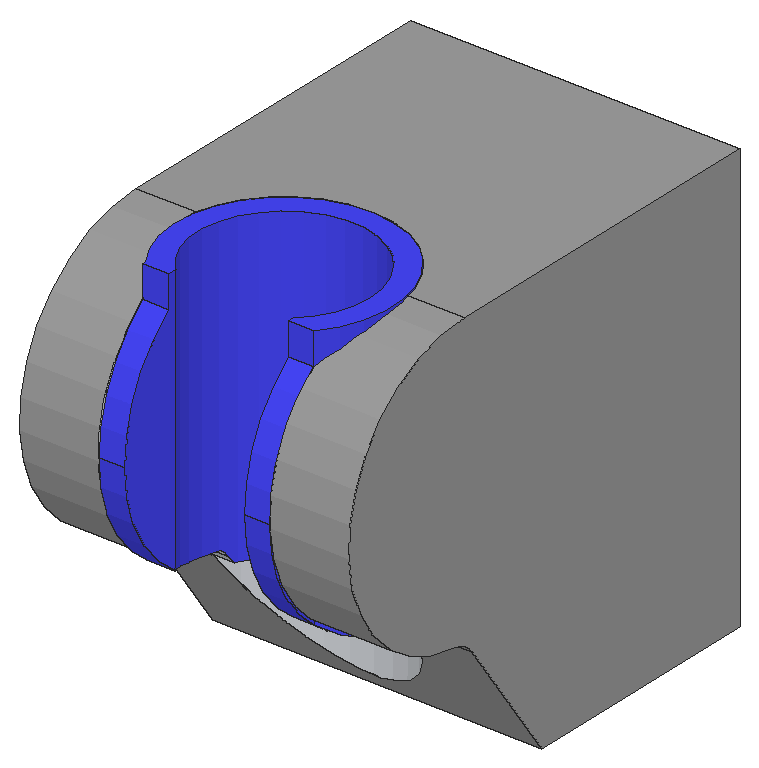
Revit family "SOPORTE MOVIL DUCHA NEGRO MATE", category Plumbing Fixtures, Revit 2019
Family settings
  Round Connector Dimension = Use Diameter
  Part Type = Normal
  OmniClass Number = 23.45.00.00
  OmniClass Title = Sanitary, Laundry, and Cleaning Equipment
  Work Plane-Based = No
  Always vertical = Yes
  Cut with Voids When Loaded = No
  Shared = No
  Room Calculation Point = No
Reference planes
  plane 1 "Center (Front/Back)": y = 0
  plane 2: z = 0
  plane 3 "Center (Left/Right)": x = 0
Forms (mm)
  Extrusion 1, solid
    sketch origin (0, 0, 0) x (0, 1, 0) y (0, 0, 1)
      loop
        line (-19, 0) -> (-19, 56) -> (-64, 56)
        arc (-64, 56) -> (-82.979, 37.899) -> (-65.797, 18.085) r 19
        arc (-65.797, 18.085) -> (-64.143, 17.553) -> (-62.864, 16.377) r 4.048
        line (-62.864, 16.377) -> (-51.396, 0) -> (-19, 0)
    from 0 to 43
  Extrusion 2, void
    sketch origin (0, 0, 0) x (1, 0, 0) y (0, 1, 0)
      loop
        line (32.715, -84.78) -> (32.715, -75.823)
        arc (32.715, -75.823) -> (22.012, -52.671) -> (10.285, -75.321) r 14.2
        line (10.285, -75.321) -> (10.285, -84.78) -> (32.715, -84.78)
    from 0 to 56
  Extrusion 3, solid
    sketch origin (0, 0, 0) x (1, 0, 0) y (0, 1, 0)
      loop
        line (10.298, -75.305) -> (10.298, -83) -> (13.716, -83) -> (13.716, -74.7)
        arc (13.716, -74.7) -> (21.9, -55.671) -> (29.423, -74.971) r 11.193
        line (29.423, -74.971) -> (29.423, -83) -> (32.715, -83) -> (32.715, -75.822)
        arc (32.715, -75.822) -> (22.034, -52.673) -> (10.298, -75.305) r 14.193
    from 15.504 to 56
  Extrusion 4, void
    sketch origin (0, 0, 0) x (0, 1, 0) y (0, 0, 1)
      loop
        line (-83, 15.504) -> (-62.256, 15.504) -> (-62.864, 16.377)
        arc (-62.864, 16.377) -> (-63.378, 16.979) -> (-64, 17.467) r 3.998
        arc (-64, 17.467) -> (-77.435, 23.032) -> (-83, 36.467) r 19
        line (-83, 36.467) -> (-83, 15.504)
    from 0 to 43
  Extrusion 5, void
    sketch origin (0, 0, 0) x (0, 1, 0) y (0, 0, 1)
      loop
        line (-75.802, 51.865) -> (-75.802, 56) -> (-83, 56) -> (-83, 36.467)
        arc (-83, 36.467) -> (-81.112, 44.966) -> (-75.802, 51.865) r 20.07
    from 10.285 to 32.715
Cuts and joins
  Extrusion 2 cuts Extrusion 1
  Extrusion 4, Extrusion 5 cuts Extrusion 3
Dimensions and locks
  aligned and locked: level to plane 2
